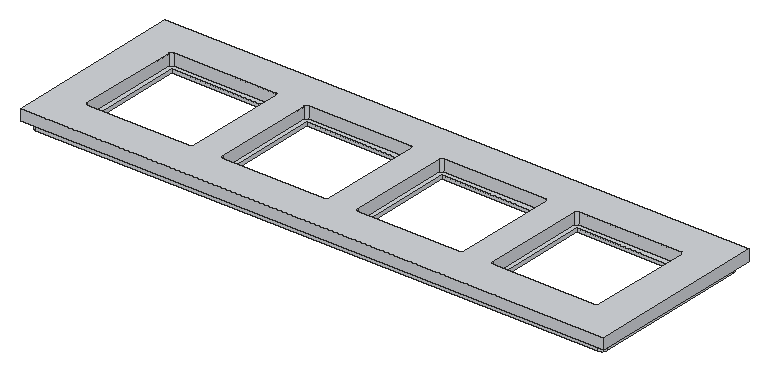
Revit family "Gira_021417", category Electrical Fixtures, host Face, Revit 2017
Family settings
  Host = Face
  Maintain Annotation Orientation = No
  Round Connector Dimension = Use Diameter
  Part Type = Normal
  Cut with Voids When Loaded = No
  Shared = No
  Room Calculation Point = No
Parameters (values of type "Abdeckrahmen 4f Gira Esprit Aluminium")
  Werkstoffgüte = "aluminium"
  Werkstoff = "Metall"
  URL = "http://katalog.gira.de/de_DE/datenblatt.html?artikelnr=021417"
  Transparent = "No"
  Textfeld/Beschriftungsfläche = "No"
  Schutzart (IP) = "IP20"
  Region = "DE"
  Oberfläche = "sonstige"
  Name = "Abdeckrahmen 4f Gira Esprit Aluminium"
  Montagerichtung = "horizontal und vertikal"
  Mit Montagerahmen = "No"
  Mit Klappdeckel = "No"
  Manufacturer URL = "https://www.gira.de/"
  Keynote = "Espr._Rahmen_4fach"
  HeinzeBIM = "https://bimportal.heinze.de/bim/abdeckrahmen-4f-gira-esprit-aluminium/91322f81d5ed2be608e2521b4cd4ce1b5cfe2066"
  Halogenfrei = "No"
  HAN = "021417"
  Geeignet für Unterputz-Installation = "Yes"
  Geeignet für Unterflurkanaldose = "No"
  Geeignet für Geräteeinbaukanal = "No"
  Geeignet für Einbauinstallation = "No"
  GTIN = "4010337214175"
  Farbe = "aluminium"
  Default Elevation = 1219.2 mm
  Data sheet (1) = "https://katalog.gira.de/de_DE/download.html?artikelnr=021417"
  Category = "Abdeckrahmen"
  Befestigungsart = "Klemmbefestigung"
  Available = "Yes"
  Anzahl der Einheiten vertikal = "4 "
  Anzahl der Einheiten horizontal = "4 "
  Anzahl der Einheiten = "4 "
Reference planes
  plane 1 "Center (Front/Back)": y = 0
  plane 2: z = 0
  plane 3 "Center (Left/Right)": x = 0
Forms (mm)
  Extrusion 1, solid, detail levels fine
    sketch origin (0, 0, 0) x (1, 0, 0) y (0, 1, 0)
      loop
        line (-154, 47.5) -> (-154, -47.5) -> (154, -47.5) -> (154, 47.5) -> (-154, 47.5)
      loop
        arc (-135.25, -26.8) -> (-134.811, -27.861) -> (-133.75, -28.3) r 1.5
        line (-133.75, -28.3) -> (-80.15, -28.3)
        arc (-80.15, -28.3) -> (-79.089, -27.861) -> (-78.65, -26.8) r 1.5
        line (-78.65, -26.8) -> (-78.65, 26.8)
        arc (-78.65, 26.8) -> (-79.089, 27.861) -> (-80.15, 28.3) r 1.5
        line (-80.15, 28.3) -> (-133.75, 28.3)
        arc (-133.75, 28.3) -> (-134.811, 27.861) -> (-135.25, 26.8) r 1.5
        line (-135.25, 26.8) -> (-135.25, -26.8)
      loop
        arc (-63.95, -26.8) -> (-63.511, -27.861) -> (-62.45, -28.3) r 1.5
        line (-62.45, -28.3) -> (-8.85, -28.3)
        arc (-8.85, -28.3) -> (-7.789, -27.861) -> (-7.35, -26.8) r 1.5
        line (-7.35, -26.8) -> (-7.35, 26.8)
        arc (-7.35, 26.8) -> (-7.789, 27.861) -> (-8.85, 28.3) r 1.5
        line (-8.85, 28.3) -> (-62.45, 28.3)
        arc (-62.45, 28.3) -> (-63.511, 27.861) -> (-63.95, 26.8) r 1.5
        line (-63.95, 26.8) -> (-63.95, -26.8)
      loop
        arc (7.35, -26.8) -> (7.789, -27.861) -> (8.85, -28.3) r 1.5
        line (8.85, -28.3) -> (62.45, -28.3)
        arc (62.45, -28.3) -> (63.511, -27.861) -> (63.95, -26.8) r 1.5
        line (63.95, -26.8) -> (63.95, 26.8)
        arc (63.95, 26.8) -> (63.511, 27.861) -> (62.45, 28.3) r 1.5
        line (62.45, 28.3) -> (8.85, 28.3)
        arc (8.85, 28.3) -> (7.789, 27.861) -> (7.35, 26.8) r 1.5
        line (7.35, 26.8) -> (7.35, -26.8)
      loop
        arc (78.65, -26.8) -> (79.089, -27.861) -> (80.15, -28.3) r 1.5
        line (80.15, -28.3) -> (133.75, -28.3)
        arc (133.75, -28.3) -> (134.811, -27.861) -> (135.25, -26.8) r 1.5
        line (135.25, -26.8) -> (135.25, 26.8)
        arc (135.25, 26.8) -> (134.811, 27.861) -> (133.75, 28.3) r 1.5
        line (133.75, 28.3) -> (80.15, 28.3)
        arc (80.15, 28.3) -> (79.089, 27.861) -> (78.65, 26.8) r 1.5
        line (78.65, 26.8) -> (78.65, -26.8)
    from 0 to 6
  Extrusion 2, solid, detail levels fine
    sketch origin (0, 0, 0) x (1, 0, 0) y (0, 1, 0)
      loop
        line (-132.85, -25.7) -> (-81.05, -25.7) -> (-81.05, 25.7) -> (-132.85, 25.7) -> (-132.85, -25.7)
      loop
        line (61.55, 25.7) -> (9.75, 25.7) -> (9.75, -25.7) -> (61.55, -25.7) -> (61.55, 25.7)
      loop
        arc (-149.85, -41.4) -> (-149.323, -42.673) -> (-148.05, -43.2) r 1.8
        line (-148.05, -43.2) -> (148.05, -43.2)
        arc (148.05, -43.2) -> (149.323, -42.673) -> (149.85, -41.4) r 1.8
        line (149.85, -41.4) -> (149.85, 41.4)
        arc (149.85, 41.4) -> (149.323, 42.673) -> (148.05, 43.2) r 1.8
        line (148.05, 43.2) -> (-148.05, 43.2)
        arc (-148.05, 43.2) -> (-149.323, 42.673) -> (-149.85, 41.4) r 1.8
        line (-149.85, 41.4) -> (-149.85, -41.4)
      loop
        line (-9.75, 25.7) -> (-61.55, 25.7) -> (-61.55, -25.7) -> (-9.75, -25.7) -> (-9.75, 25.7)
      loop
        line (132.85, 25.7) -> (81.05, 25.7) -> (81.05, -25.7) -> (132.85, -25.7) -> (132.85, 25.7)
    from -1.9 to 0
  Extrusion 3, solid, detail levels fine
    sketch origin (0, 0, 0) x (1, 0, 0) y (0, 1, 0)
      loop
        arc (-148.05, 44.4) -> (-150.171, 43.521) -> (-151.05, 41.4) r 3
        line (-151.05, 41.4) -> (-151.05, -41.4)
        arc (-151.05, -41.4) -> (-150.171, -43.521) -> (-148.05, -44.4) r 3
        line (-148.05, -44.4) -> (148.05, -44.4)
        arc (148.05, -44.4) -> (150.171, -43.521) -> (151.05, -41.4) r 3
        line (151.05, -41.4) -> (151.05, 41.4)
        arc (151.05, 41.4) -> (150.171, 43.521) -> (148.05, 44.4) r 3
        line (148.05, 44.4) -> (-148.05, 44.4)
      loop
        arc (-149.85, -41.4) -> (-149.323, -42.673) -> (-148.05, -43.2) r 1.8
        line (-148.05, -43.2) -> (148.05, -43.2)
        arc (148.05, -43.2) -> (149.323, -42.673) -> (149.85, -41.4) r 1.8
        line (149.85, -41.4) -> (149.85, 41.4)
        arc (149.85, 41.4) -> (149.323, 42.673) -> (148.05, 43.2) r 1.8
        line (148.05, 43.2) -> (-148.05, 43.2)
        arc (-148.05, 43.2) -> (-149.323, 42.673) -> (-149.85, 41.4) r 1.8
        line (-149.85, 41.4) -> (-149.85, -41.4)
    from -3.7 to 0
  Extrusion 4, solid, detail levels medium
    sketch origin (0, 0, 0) x (1, 0, 0) y (0, 1, 0)
      loop
        line (-154, 47.5) -> (-154, -47.5) -> (154, -47.5) -> (154, 47.5) -> (-154, 47.5)
    from 0 to 6
  Extrusion 5, solid, detail levels medium
    sketch origin (0, 0, 0) x (1, 0, 0) y (0, 1, 0)
      loop
        line (-154, 44.4) -> (-154, -44.4) -> (154, -44.4) -> (154, 44.4) -> (-154, 44.4)
    from -3.7 to 0
  Extrusion 6, solid, detail levels coarse
    sketch origin (0, 0, 0) x (1, 0, 0) y (0, 1, 0)
      loop
        line (-154, 47.5) -> (-154, -47.5) -> (154, -47.5) -> (154, 47.5) -> (-154, 47.5)
    from -3.7 to 6
Dimensions and locks
  aligned and locked: plane 2 to host face
  aligned and locked: level to host face
